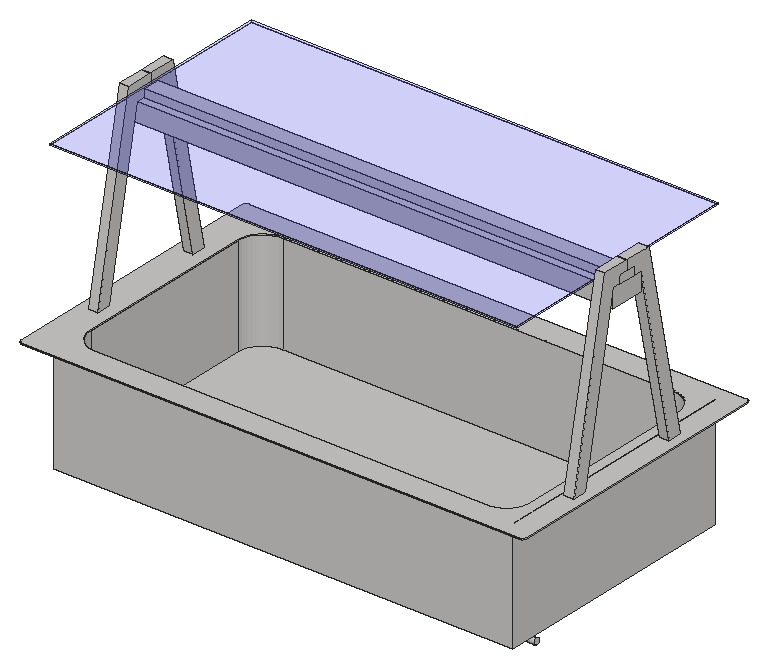
Revit family "QF_ELECTROLUXPROFESSIONAL_341163_D01C3", category Attrezzature speciali, Revit 2020
Family settings
  Quota connettore circolare = Usa diametro
  Tipo di parte = Normale
  Basato su piano di lavoro = No
  Sempre verticale = Sì
  Taglio con vuoti quando caricato = No
  Condiviso = No
  Punto di calcolo locali = No
Parameters (values of type "Standard")
  Weight = 46.00 kg
  Watts = 0 W
  Volts = 220 V
  URL Manufacturer = "https://www.electroluxprofessional.com/"
  URL = "https://www.electroluxprofessional.com/"
  Steam Supply Size = 0 mm
  Steam Supply Minimum Pressure = 0.0 Pa
  Steam Supply Maximum Pressure = 0.0 Pa
  Steam Consumption per Hour = 0
  Refrigeration Suction Line Size = 0 mm
  Refrigeration Liquid Line Size = 0 mm
  Refrigerant Compressor Remote = yes
  Prospetto di default = 0 mm
  Produttore = "Electrolux Professional"
  Phase = 1
  Modello = "D01C3"
  Length Actual = 1100 mm  # constant formula
  Item Number = "341163"
  Hot Water Size = 0 mm
  Height Actual = 664 mm  # constant formula
  HP = "0 HP"
  Gas Size = 0 mm
  Gas KW = 0
  Gas Input Pressure = 0 W
  Direct Waste Size = 0 mm
  Descrizione = "DROP-IN BAIN-MARIE, WATER, SINGLE WELL, 3GN WITH A TYPE OVERSHELF AND HALOGEN LAMP"
  Depth Actual = 620 mm  # constant formula
  Cycle = 50 Hz
  Condensate Return Size = 0 mm
  Compressed Air Volume = 0.0 L/s
  Compressed Air Size = 0 mm
  Compressed Air Pressure = 0.0 Pa
  Cold Water Size = 12.7 mm
  Accessory = yes
Reference planes
  plane 1 "BACK": y = 0
  plane 2: z = 5.426
  plane 3 "LEFT": x = 0
  plane 4: y = -620
  plane 5: z = 409.426
  plane 6: y = -310
  plane 7: x = 550
Forms (mm)
  Extrusion 1, solid, material "QF_Finishes_Stainless Steel"
    sketch origin (-320, 0, 5.426) x (1, 0, 0) y (0, 1, 0)
      loop
        arc (330, 0) -> (322.929, -2.929) -> (320, -10) r 10
        line (320, -10) -> (320, -610)
        arc (320, -610) -> (322.929, -617.071) -> (330, -620) r 10
        line (330, -620) -> (1410, -620)
        arc (1410, -620) -> (1417.071, -617.071) -> (1420, -610) r 10
        line (1420, -610) -> (1420, -10)
        arc (1420, -10) -> (1417.071, -2.929) -> (1410, 0) r 10
        line (1410, 0) -> (330, 0)
    from 0 to 1
  Extrusion 2, solid, material "QF_Finishes_Stainless Steel"
    sketch origin (0, 0, 12.548) x (1, 0, 0) y (0, 1, 0)
      loop
        line (50, -35) -> (50, -585) -> (1050, -585) -> (1050, -35) -> (50, -35)
    from -251.122 to -7.122
  Extrusion 3, void
    sketch origin (0, 0, -2.817) x (1, 0, 0) y (0, 1, 0)
      loop
        arc (125, -55) -> (86.109, -71.109) -> (70, -110) r 55
        line (70, -110) -> (70, -510)
        arc (70, -510) -> (86.109, -548.891) -> (125, -565) r 55
        line (125, -565) -> (975.082, -565)
        arc (975.082, -565) -> (1013.973, -548.891) -> (1030.082, -510) r 55
        line (1030.082, -510) -> (1030.082, -110)
        arc (1030.082, -110) -> (1013.973, -71.109) -> (975.082, -55) r 55
        line (975.082, -55) -> (125, -55)
    from -209.107 to 9.244
  Extrusion 4, solid, material "QF_Finishes_Stainless Steel"
    sketch origin (21.5, -620, 0) x (0, -1, 0) y (0, 0, -1)
      loop
        line (-310, -409.426) -> (-250.873, -409.426) -> (-165, -5.426) -> (-195, -5.426) -> (-272.583, -370.426) -> (-310, -370.426) -> (-310, -409.426)
    from 0 to 20
  Extrusion 5, solid, material "QF_Finishes_Stainless Steel"
    sketch origin (21.5, 0, 0) x (0, 1, 0) y (0, 0, 1)
      loop
        line (-310, 409.426) -> (-310, 370.426) -> (-272.583, 370.426) -> (-195, 5.426) -> (-165, 5.426) -> (-250.873, 409.426) -> (-310, 409.426)
    from 0 to 20
  Extrusion 6, solid, material "QF_Finishes_Stainless Steel"
    sketch origin (1077.726, -620, 0) x (0, -1, 0) y (0, 0, 1)
      loop
        line (-310, 409.426) -> (-310, 370.426) -> (-272.583, 370.426) -> (-195, 5.426) -> (-165, 5.426) -> (-250.873, 409.426) -> (-310, 409.426)
    from 0 to 20
  Extrusion 7, solid, material "QF_Finishes_Stainless Steel"
    sketch origin (1077.726, 0, 0) x (0, 1, 0) y (0, 0, -1)
      loop
        line (-310, -409.426) -> (-250.873, -409.426) -> (-165, -5.426) -> (-195, -5.426) -> (-272.583, -370.426) -> (-310, -370.426) -> (-310, -409.426)
    from 0 to 20
  Extrusion 8, solid, material "QF_Finishes_Stainless Steel"
    sketch origin (0, 0, 0) x (0, 1, 0) y (0, 0, 1)
      loop
        line (-291.292, 370.426) -> (-291.292, 387.956) -> (-328.917, 387.956) -> (-328.917, 370.426) -> (-291.292, 370.426)
    from 21.5 to 1077.726
  Extrusion 9, solid, material "Vetro"
    sketch origin (-14.94, 0, 5.426) x (1, 0, 0) y (0, 1, 0)
      loop
        line (56.94, -35) -> (56.94, -585) -> (1072.666, -585) -> (1072.666, -35) -> (56.94, -35)
    from 382.529 to 387.529
  Extrusion 10, solid, material "QF_Finishes_Stainless Steel"
    sketch origin (329.693, -341.308, -643.387) x (0, 0, -1) y (0, 1, 0)
      loop
        circle (-372.814, -140.692) r 12.7
    from 5 to 70.307
  Extrusion 11, solid, material "QF_Finishes_Stainless Steel"
    sketch origin (0, 0, 0) x (0, 1, 0) y (0, 0, 1)
      loop
        line (-272.583, 370.426) -> (-347.583, 370.426) -> (-347.583, 330.426) -> (-272.583, 330.426) -> (-272.583, 370.426)
    from 21.5 to 1077.726
  Extrusion 12, solid, material "QF_Finishes_Stainless Steel"
    sketch origin (34.947, 0, 0) x (0, 1, 0) y (0, 0, 1)
      loop
        line (-280.414, 330.426) -> (-340.414, 330.426) -> (-340.414, 325.426) -> (-280.414, 325.426) -> (-280.414, 330.426)
    from 113.553 to 313.553
  Extrusion 13, solid, material "QF_Finishes_Stainless Steel"
    sketch origin (769.053, 0, 0) x (0, 1, 0) y (0, 0, -1)
      loop
        line (-280.414, -330.426) -> (-280.414, -325.426) -> (-340.414, -325.426) -> (-340.414, -330.426) -> (-280.414, -330.426)
    from 113.553 to 313.553
  Extrusion 14, solid, material "QF_Finishes_Stainless Steel"
    sketch origin (0, 0, 5.426) x (1, 0, 0) y (0, 1, 0)
      loop
        circle (386.025, -481.971) r 12.675
    from -276 to -244
  Extrusion 15, solid, material "QF_Finishes_Stainless Steel"
    sketch origin (1076.053, 0, 0) x (0, 1, 0) y (0, 0, -1)
      loop
        line (-280.414, -330.426) -> (-280.414, -325.426) -> (-340.414, -325.426) -> (-340.414, -330.426) -> (-280.414, -330.426)
    from 113.553 to 313.553
  Extrusion 16, solid, material "QF_Finishes_Stainless Steel"
    sketch origin (1066.957, -635.663, -643.387) x (0, 0, -1) y (0, -1, 0)
      loop
        circle (-372.814, -140.692) r 6.35
    from 36.875 to 70.307
  Extrusion 17, solid, material "QF_Finishes_Stainless Steel"
    sketch origin (1389.025, -976.971, 5.426) x (-1, 0, 0) y (0, -1, 0)
      loop
        circle (386.025, -481.971) r 6.35
    from -276 to -244
Cuts and joins
  Extrusion 3 cuts Extrusion 1
  Extrusion 3 cuts Extrusion 2
Dimensions and locks
  equal spacing: Extrusion 1, Extrusion 2 sketch curve, Extrusion 2 sketch curve, Extrusion 1  (x2)
  Extrusion 1 to Extrusion 1 = 1100 mm
  Extrusion 1 to plane 1 "BACK" = 620 mm
  equal spacing: Extrusion 2, Extrusion 3 sketch curve, Extrusion 3 sketch curve, Extrusion 2  (x2)
  plane 5 to plane 2 = 404 mm
  Extrusion 11 sketch curve to cut or joined group of Extrusion 1, Extrusion 3 = 324 mm
  equal spacing: plane 3 "LEFT", plane 7, cut or joined group of Extrusion 1, Extrusion 3
  aligned and locked: level to plane 2
Automatic sketch dimensions
  Extrusion 1 sketch curve to plane 3 "LEFT" = 0 mm
  plane 4 to Extrusion 1 sketch curve = 0 mm
  plane 1 "BACK" to Extrusion 1 sketch curve = 0 mm
  plane 3 "LEFT" to Extrusion 1 sketch curve = 10 mm  (x2)
  plane 7 to Extrusion 1 sketch curve = 540 mm  (x2)
  Extrusion 1 sketch curve to Extrusion 1 sketch curve = 10 mm
  plane 3 "LEFT" to Extrusion 2 sketch curve = 50 mm
  Extrusion 2 sketch curve to plane 4 = 35 mm
  plane 7 to Extrusion 2 sketch curve = 500 mm
  plane 1 "BACK" to Extrusion 2 sketch curve = 35 mm
  plane 3 "LEFT" to Extrusion 3 sketch curve = 70 mm
  Extrusion 3 sketch curve to Extrusion 3 sketch curve = 55 mm  (x3)
  Extrusion 3 sketch curve to plane 4 = 55 mm
  plane 7 to Extrusion 3 sketch curve = 425.082 mm
  plane 1 "BACK" to Extrusion 3 sketch curve = 110 mm
  Extrusion 3 sketch curve to Extrusion 3 sketch curve = 0 mm
  Extrusion 4 sketch curve to plane 6 = 0 mm
  plane 5 to Extrusion 4 sketch curve = 0 mm
  Extrusion 4 sketch curve to level = 0 mm
  Extrusion 4 sketch curve to Extrusion 4 sketch curve = 37.417 mm
  Extrusion 4 sketch curve to Extrusion 4 sketch curve = 21.71 mm
  plane 6 to Extrusion 4 sketch curve = 115 mm
  Extrusion 4 sketch curve to Extrusion 4 sketch curve = 30 mm
  Extrusion 4 sketch curve to Extrusion 4 sketch curve = 39 mm
  Extrusion 5 sketch curve to plane 6 = 0 mm
  plane 5 to Extrusion 5 sketch curve = 0 mm
  Extrusion 5 sketch curve to level = 0 mm
  Extrusion 5 sketch curve to Extrusion 5 sketch curve = 37.417 mm
  Extrusion 5 sketch curve to Extrusion 5 sketch curve = 21.71 mm
  plane 6 to Extrusion 5 sketch curve = 115 mm
  Extrusion 5 sketch curve to Extrusion 5 sketch curve = 30 mm
  Extrusion 5 sketch curve to Extrusion 5 sketch curve = 39 mm
  Extrusion 6 sketch curve to plane 6 = 0 mm
  plane 5 to Extrusion 6 sketch curve = 0 mm
  Extrusion 6 sketch curve to level = 0 mm
  Extrusion 6 sketch curve to Extrusion 6 sketch curve = 37.417 mm
  Extrusion 6 sketch curve to Extrusion 6 sketch curve = 21.71 mm
  Extrusion 6 sketch curve to plane 6 = 115 mm
  Extrusion 6 sketch curve to Extrusion 6 sketch curve = 30 mm
  Extrusion 6 sketch curve to Extrusion 6 sketch curve = 39 mm
  Extrusion 7 sketch curve to plane 6 = 0 mm
  plane 5 to Extrusion 7 sketch curve = 0 mm
  Extrusion 7 sketch curve to level = 0 mm
  Extrusion 7 sketch curve to Extrusion 7 sketch curve = 37.417 mm
  Extrusion 7 sketch curve to Extrusion 7 sketch curve = 21.71 mm
  plane 6 to Extrusion 7 sketch curve = 115 mm
  Extrusion 7 sketch curve to Extrusion 7 sketch curve = 30 mm
  Extrusion 7 sketch curve to Extrusion 7 sketch curve = 39 mm
  Extrusion 8 sketch curve to plane 6 = 18.917 mm
  plane 6 to Extrusion 8 sketch curve = 18.708 mm
  plane 5 to Extrusion 8 sketch curve = 39 mm
  Extrusion 8 sketch curve to Extrusion 8 sketch curve = 17.529 mm
  plane 3 "LEFT" to Extrusion 9 sketch curve = 42 mm
  Extrusion 9 sketch curve to plane 4 = 35 mm
  plane 7 to Extrusion 9 sketch curve = 507.726 mm
  plane 1 "BACK" to Extrusion 9 sketch curve = 35 mm
  Extrusion 10 sketch curve to level = 276 mm
  Extrusion 10 sketch curve to plane 4 = 138 mm
  Extrusion 11 sketch curve to plane 6 = 37.583 mm
  plane 6 to Extrusion 11 sketch curve = 37.417 mm
  plane 5 to Extrusion 11 sketch curve = 39 mm
  Extrusion 12 sketch curve to plane 6 = 30.414 mm
  plane 6 to Extrusion 12 sketch curve = 29.586 mm
  plane 5 to Extrusion 12 sketch curve = 84 mm
  Extrusion 12 sketch curve to Extrusion 12 sketch curve = 5 mm
  Extrusion 13 sketch curve to plane 6 = 30.414 mm
  plane 6 to Extrusion 13 sketch curve = 29.586 mm
  plane 5 to Extrusion 13 sketch curve = 79 mm
  Extrusion 13 sketch curve to Extrusion 13 sketch curve = 5 mm
  Extrusion 14 sketch curve to plane 7 = 163.975 mm
  Extrusion 14 sketch curve to plane 4 = 138.029 mm
  Extrusion 15 sketch curve to plane 6 = 30.414 mm
  plane 6 to Extrusion 15 sketch curve = 29.586 mm
  plane 5 to Extrusion 15 sketch curve = 79 mm
  Extrusion 15 sketch curve to Extrusion 15 sketch curve = 5 mm
  Extrusion 16 sketch curve to plane 6 = 184.971 mm
  Extrusion 16 sketch curve to level = 276 mm
  Extrusion 17 sketch curve to plane 6 = 185 mm
  plane 7 to Extrusion 17 sketch curve = 453 mm
  radius of Extrusion 10 sketch curve = 12.7 mm
  radius of Extrusion 14 sketch curve = 12.675 mm
  radius of Extrusion 16 sketch curve = 6.35 mm
  radius of Extrusion 17 sketch curve = 6.35 mm
Connectors
  piping at (334.693, -482, -270.574), diameter 25.4
    settings: on Extrusion 10, index 5, connector inside diameter 609.6 mm, connector length 0 mm, flow factor 0, pipe flow 0.0 L/s, pressure drop 0.0 Pa, fitting loss kfactor 0, connector angle 0.00°, fixture units 0, engagement length 0 mm, angle of deflection 0.00°, flow configuration 0, flow direction 0, fitting loss method 0, system type 29, joint type 0, gender type 0, connector reference index -1, connector utility 0, adjustable connector no, is connector primary yes, connector description "D"
  piping at (1030.082, -494.971, -270.574), diameter 12.7
    settings: on Extrusion 16, index 6, connector inside diameter 609.6 mm, connector length 0 mm, flow factor 0, pipe flow 0.0 L/s, pressure drop 0.0 Pa, fitting loss kfactor 0, connector angle 0.00°, fixture units 0, engagement length 0 mm, angle of deflection 0.00°, flow configuration 0, flow direction 0, fitting loss method 0, system type 29, joint type 0, gender type 0, connector reference index -1, connector utility 0, adjustable connector no, is connector primary no, connector description "WI"
